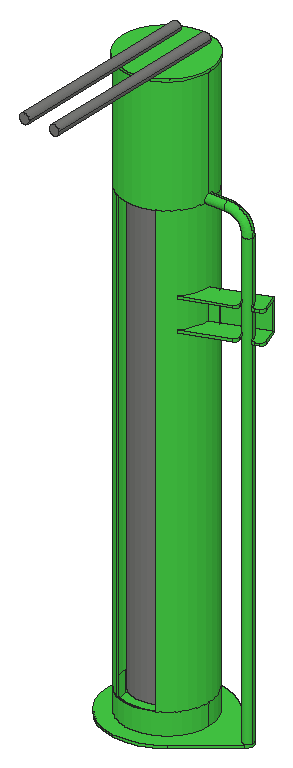
Revit family "Estacion Mantenimiento Biki", category Furniture, Revit 2020
Family settings
  Work Plane-Based = No
  Always vertical = Yes
  Cut with Voids When Loaded = No
  Shared = No
  Room Calculation Point = No
Parameters (values of type "Estación Mantenimiento Biki-VBE01-1500mm")
  URL Producto = "https://www.benito.com/es/mobiliario-urbano/aparcabicicletas/estacion-de-mantenimiento-biki--VBE01.html"
  Type Comments = "Fijación al suelo mediante 4 tornillos M8, no suministrados."
  Referencia = "VBE01"
  Material = Acero con pintura
  H = 1.500 m
  Ficha tecnica = "https://www.benito.com/es/download/data-sheet-VBE01"
  Description = "La estación incluye varias herramientas como una bomba de pie de aire para inflar las ruedas, llaves hexagonales allen de diferentes tamaños,\r\nllave inglesa, alicates, destornillador plano y de estrella y palancas para sacar la cubierta de la rueda."
  Default Elevation = 0.000 m
  A = 0.220 m
Reference planes (m)
  plane 1 "Center (Front/Back)": y = 0
  plane 2: z = 0
  plane 3 "Center (Left/Right)": x = 0
  plane 4: z = 0
Forms (m)
  Extrusion 1, solid, material "Steel, Paint Finish, Green"
    sketch origin (1.224847, 1.192406, 0) x (1, 0, 0) y (0, 1, 0)
      loop
        arc (-1.132015, -1.079216) -> (-1.371236, -1.192406) -> (-1.132015, -1.305596) r 0.146389
        line (-1.132015, -1.305596) -> (-1.012859, -1.20787)
        arc (-1.012859, -1.20787) -> (-1.005542, -1.192406) -> (-1.012859, -1.176942) r 0.02
        line (-1.012859, -1.176942) -> (-1.132015, -1.079216)
    from 0 to 0.006
  Extrusion 2, solid, material "Steel, Paint Finish, Green"
    sketch origin (1.224847, 1.192406, 0) x (1, 0, 0) y (0, 1, 0)
      loop
        circle (-1.224847, -1.192406) r 0.107352
      loop
        circle (-1.224847, -1.192406) r 0.105352
    from 0.006 to 0.06
  Extrusion 3, solid, material "Steel, Paint Finish, Green"
    sketch origin (1.224847, 1.192406, 0) x (1, 0, 0) y (0, 1, 0)
      loop
        line (-1.176051, -1.288027) -> (-1.176051, -1.285776)
        arc (-1.176051, -1.285776) -> (-1.224847, -1.087054) -> (-1.273644, -1.285776) r 0.105352
        line (-1.273644, -1.285776) -> (-1.273644, -1.288027)
        arc (-1.273644, -1.288027) -> (-1.224847, -1.085054) -> (-1.176051, -1.288027) r 0.107352
    from 0.06 to 1.2
  Extrusion 4, solid, material "Steel, Paint Finish, Green"
    sketch origin (1.224847, 1.192406, 0) x (1, 0, 0) y (0, 1, 0)
      loop
        circle (-1.224847, -1.192406) r 0.107352
      loop
        circle (-1.224847, -1.192406) r 0.105352
    from 1.2 to 1.495
  Extrusion 5, solid, material "Steel"
    sketch origin (1.224847, 1.192406, 0) x (1, 0, 0) y (0, 1, 0)
      loop
        circle (-1.224847, -1.192406) r 0.08
    from 0.06 to 1.45
  Extrusion 6, solid, material "Steel, Paint Finish, Green"
    sketch origin (1.224847, 1.192406, 0) x (1, 0, 0) y (0, 1, 0)
      loop
        circle (-1.224847, -1.192406) r 0.110352
    from 1.495 to 1.5
  Sweep 7, solid, material "Steel, Paint Finish, Green"
    path origin (1.224847, 0, 0) x (1, 0, 0) y (0, 0, 1)
      loop
        line (-1.017437, 0.006) -> (-1.017437, 1.156)
        arc (-1.017437, 1.156) -> (-1.032082, 1.191355) -> (-1.067437, 1.206) r 0.05
        line (-1.067437, 1.206) -> (-1.117437, 1.206)
    profile origin (0.20741, 0, 0.581) x (-1, 0, 0) y (0, -1, 0)
      loop
        circle (0, 0) r 0.0122
  Extrusion 8, solid, material "Steel, Paint Finish, Green"
    sketch origin (1.224847, 1.192406, 0) x (1, 0, 0) y (0, 1, 0)
      loop
        line (-0.98961, -1.14637) -> (-1.114497, -1.191825)
        arc (-1.114497, -1.191825) -> (-1.114506, -1.193913) -> (-1.114554, -1.196) r 0.110352
        line (-1.114554, -1.196) -> (-0.988275, -1.150039) -> (-0.98961, -1.14637)
    from 0.93 to 1
  Extrusion 9, solid, material "Steel, Paint Finish, Green"
    sketch origin (1.224847, 1.192406, 0) x (1, 0, 0) y (0, 1, 0)
      loop
        arc (-1.001069, -1.202469) -> (-0.996023, -1.207976) -> (-0.988561, -1.208302) r 0.009759
        line (-0.988561, -1.208302) -> (-0.978753, -1.204733)
        arc (-0.978753, -1.204733) -> (-0.973246, -1.199686) -> (-0.972921, -1.192224) r 0.009759
        line (-0.972921, -1.192224) -> (-0.98961, -1.14637) -> (-1.114497, -1.191825)
        arc (-1.114497, -1.191825) -> (-1.121115, -1.23005) -> (-1.140551, -1.263622) r 0.110352
        line (-1.140551, -1.263622) -> (-1.030746, -1.223656)
        arc (-1.030746, -1.223656) -> (-1.025239, -1.21861) -> (-1.024913, -1.211148) r 0.009759
        line (-1.024913, -1.211148) -> (-1.030921, -1.19464) -> (-1.007078, -1.185962) -> (-1.001069, -1.202469)
    from 0.924 to 0.93
  Extrusion 10, solid, material "Steel, Paint Finish, Green"
    sketch origin (1.224847, 1.192406, 0) x (1, 0, 0) y (0, 1, 0)
      loop
        arc (-1.001069, -1.202469) -> (-0.996023, -1.207976) -> (-0.988561, -1.208302) r 0.009759
        line (-0.988561, -1.208302) -> (-0.978753, -1.204733)
        arc (-0.978753, -1.204733) -> (-0.973246, -1.199686) -> (-0.972921, -1.192224) r 0.009759
        line (-0.972921, -1.192224) -> (-0.98961, -1.14637) -> (-1.114497, -1.191825)
        arc (-1.114497, -1.191825) -> (-1.121115, -1.23005) -> (-1.140551, -1.263622) r 0.110352
        line (-1.140551, -1.263622) -> (-1.030746, -1.223656)
        arc (-1.030746, -1.223656) -> (-1.025239, -1.21861) -> (-1.024913, -1.211148) r 0.009759
        line (-1.024913, -1.211148) -> (-1.030921, -1.19464) -> (-1.007078, -1.185962) -> (-1.001069, -1.202469)
    from 1 to 1.006
  Extrusion 11, solid, material "Steel"
    sketch origin (1.224847, 0, 0) x (1, 0, 0) y (0, 0, 1)
      loop
        circle (-1.262647, 1.5122) r 0.0122
      loop
        circle (-1.187047, 1.5122) r 0.0122
    from -0.077159 to 0.402841
Dimensions and locks (m)
  aligned and locked: level to plane 2
